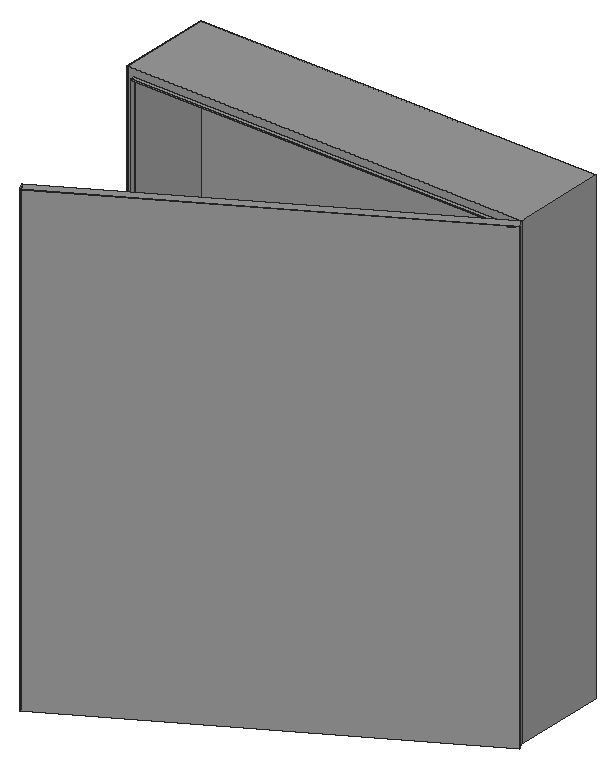
Revit family "Hager-Univers-IP44-D205-H950-Cl.II-Encl-NoHosted-ES-es", category Electrical Equipment, Revit 2020
Family settings
  Panel Configuration = Two Columns, Circuits Across
  Round Connector Dimension = Use Diameter
  Part Type = Panelboard
  Work Plane-Based = Yes
  Always vertical = Yes
  Cut with Voids When Loaded = No
  Shared = No
  Room Calculation Point = No
Parameters (values of type "Montado superficial (escayola) IP44 A800 A950 P205  - FP63SN2")
  Width Control [instance] = if([EF000008 - Anchura] > Min Width, [EF000008 - Anchura], Min Width)  # 800 mm
  Type Comments = [HG000003 - Gama]  # "Univers"
  Thickness Door [instance] = if([EF009171 - Espesor puerta/tapa] > 3 mm, 3 mm, [EF009171 - Espesor puerta/tapa])  # 1 mm
  Seal Frame Offset [instance] = 17 mm  # constant formula
  Plinth Visibility [instance] = [HG000027 - Altura de zócalo] > 0 mm  # no
  Min Width [instance] = 100 mm  # constant formula
  Min Depth [instance] = (2 * [EF009170 - Espesor del material de la caja]) + 1 mm  # 3 mm
  Min Height [instance] = 100 mm  # constant formula
  Internal Frame Depth [instance] = (Door System Depth * 0.5)  # 9 mm
  Panel Name [instance] = ""  # (empty or 0)
  Model = ""
  HG000027 - Altura de zócalo = 0 mm
  HG000026 - Instalación en suelo = no
  HG000024 - Altura de la sección inferior = 600 mm
  HG000023 - Caja de doble sección = no
  HG000016 - Visibilidad de la puerta 3D [instance] = yes
  HG000015 - Visibilidad a través de la puerta [instance] = no
  HG000014 - Puerta a la derecha [instance] = yes
  HG000013 - Puerta a la izquierda [instance] = not([HG000014 - Puerta a la derecha])  # no
  HG000012 - Ángulo de giro de la puerta [instance] = 30.00°
  HG000010 - Puertas asimétricas = no
  HG000009 - Puerta batiente doble = no
  HG000006 - Empotrado = no
  HG000004 - Referencia del fabricante = "FP63SN2"
  HG000003 - Gama = "Univers"
  HG000002 - Con puerta o tapa = yes
  Frame Offset Bottom [instance] = 10 mm  # constant formula
  Frame Offset [instance] = 15 mm  # constant formula
  EF015940 - Tapa con alivio de sobrepresión = no
  EF011959 - Grado de protección (NEMA) = ""
  EF009554 - Número de aberturas para placas-brida = 6
  EF009212 - Versión de la cubierta = "EV000116 - Cerrado"
  EF009171 - Espesor puerta/tapa = 1 mm
  EF009170 - Espesor del material de la caja = 1 mm
  EF008873 - Corriente nominal (In) = 250 A
  EF007800 - Adecuado para la protección contra rayos = no
  EF006306 - Con cierre = no
  EF006244 - Tapa/puerta transparente = no
  EF005474 - Grado de protección (IP) = "EV006418 - IP44"
  EF004464 - Tipo de puerta = "EV002646 - Único"
  EF004427 - Número de módulos = 216
  EF004293 - Resistencia al impacto (IK) = "EV006815 - IK09"
  EF003532 - Adecuado para uso en exteriores = no
  EF002950 - Anchura de unidades de división = 36
  EF001613 - Integridad del circuito = "EV000494 - Ninguno"
  EF001596 - Material de la carcasa = "EV000179 - Acero"
  EF001131 - Profundidad interna = 130 mm
  EF001088 - Posibilidad de extensión = yes
  EF000437 - Número de entradas de conductos de cables = 6
  EF000339 - Tipo de cubierta = "EV004216 - Puerta"
  EF000266 - Número de filas = 6
  EF000218 - Profundidad de instalación = 205 mm
  EF000118 - Con placa de montaje = no
  EF000116 - Número RAL = "9010"
  EF000049 - Profundidad = 205 mm
  EF000040 - Altura = 950 mm
  EF000008 - Anchura = 800 mm
  EF000007 - Color = "EV000202 - Blanco"
  EF000003 - Tipo de montaje = "EV000384 - Montado superficial (escayola)"
  Door System Leaf Tolerance [instance] = 1.5 mm  # constant formula
  Door System Depth [instance] = 18 mm  # constant formula
  Door Height [instance] = Height Control - [HG000027 - Altura de zócalo]  # 950 mm
  Description = ""
  Default Elevation = 1219.2 mm
  Connector Offset [instance] = Height Control / 2  # 475 mm
  Manufacturer = "Hager"  # constant formula
  Height Control [instance] = if([EF000040 - Altura] > Min Height, [EF000040 - Altura], Min Height)  # 950 mm
  Depth Control [instance] = if([EF000049 - Profundidad] > Min Depth, [EF000049 - Profundidad], Min Depth)  # 205 mm
  Bottom Top Plate Trim [instance] = 1.5 mm  # constant formula
  Plinth height Ctrl [instance] = if([HG000027 - Altura de zócalo] > 0 mm, [HG000027 - Altura de zócalo], 12 mm)  # 12 mm
Types (5, lengths in mm): name | Width Control | HG000010 - Puertas asimétricas | HG000009 - Puerta batiente doble | HG000004 - Referencia del fabricante | EF009554 - Número de aberturas para placas-brida | EF004464 - Tipo de puerta | EF004427 - Número de módulos | EF002950 - Anchura de unidades de división | EF001131 - Profundidad interna | EF000437 - Número de entradas de conductos de cables | EF000339 - Tipo de cubierta | EF000008 - Anchura
  Montado superficial (escayola) IP44 A1050 A950 P205  - FP64SN2 | 1050 | no | yes | "FP64SN2" | 8 | "EV003602 - Doble" | 288 | 48 | 130 | 8 | "EV004216 - Puerta" | 1050
  Montado superficial (escayola) IP44 A1300 A950 P205  - FP65SN2 | 1300 | yes | yes | "FP65SN2" | 10 | "EV003602 - Doble" | 360 | 60 | 130 | 10 | "EV004216 - Puerta" | 1300
  Montado superficial (escayola) IP44 A300 A950 P205  - FP61SN2 | 300 | no | no | "FP61SN2" | 2 | "EV002646 - Único" | 72 | 12 | 143 | 2 | "EV001012 - Cubrir" | 300
  Montado superficial (escayola) IP44 A550 A950 P205  - FP62SN2 | 550 | no | no | "FP62SN2" | 4 | "EV002646 - Único" | 144 | 24 | 143 | 4 | "EV001012 - Cubrir" | 550
  Montado superficial (escayola) IP44 A800 A950 P205  - FP63SN2 | 800 | no | no | "FP63SN2" | 6 | "EV002646 - Único" | 216 | 36 | 130 | 6 | "EV004216 - Puerta" | 800
Reference planes
  plane 1 "Center (Front/Back)": y = 0
  plane 2: z = 0
  plane 3 "Center (Left/Right)": x = 0
  plane 4: y = 0
  plane 5: y = 0
  plane 6: z = 0
  plane 7: x = -400
  plane 8: x = 400
  plane 9: x = 399
  plane 10: x = -399
  plane 11: z = 0
  plane 12: z = 1
  plane 13: y = -205
  plane 14: y = -1
  plane 15: x = 0
  plane 16: y = -187
  plane 17: y = -204
  plane 18: y = -186
  plane 19: x = -384
  plane 20: x = 384
  plane 21: z = 11
  plane 22: x = -383
  plane 23: x = 383
  plane 24: z = 0
  plane 25: z = 950
  plane 26: z = 950
  plane 27: z = 934
  plane 28: z = 949
Forms (mm)
  Extrusion 1, solid, material "Hager_Steel_RAL7035_Light_Grey", detail levels medium+fine
    sketch origin (-208.679, -4572, 0) x (-1, 0, 0) y (0, -1, 0)
      loop
        line (191.321, -4385) -> (-608.679, -4385) -> (-608.679, -4572) -> (191.321, -4572) -> (191.321, -4385)
    from 0 to 950
  Extrusion 2, void
    sketch origin (-350.771, -205, 1219.2) x (1, 0, 0) y (0, 0, 1)
      loop
        line (-48.229, -270.2) -> (-48.229, -1218.2) -> (749.771, -1218.2) -> (749.771, -270.2) -> (-48.229, -270.2)
    from -19 to -204
  Extrusion 3, void
    sketch origin (-290.084, -187, 1219.2) x (1, 0, 0) y (0, 0, 1)
      loop
        line (-93.916, -1208.2) -> (674.084, -1208.2) -> (674.084, -285.2) -> (-93.916, -285.2) -> (-93.916, -1208.2)
    from 0 to -1
  Extrusion 4, solid, material "Hager_Steel_RAL7035_Light_Grey", visible <- "Plinth Visibility", detail levels medium+fine
    sketch origin (0, 0, 0) x (1, 0, 0) y (0, 1, 0)
      loop
        line (-400, 0) -> (-400, -187) -> (400, -187) -> (400, 0) -> (-400, 0)
    from 0 to 12 <- "Plinth height Ctrl"
  Extrusion 5, solid, material "Hager_Steel_RAL7035_Light_Grey", detail levels coarse
    sketch origin (0, 0, 0) x (1, 0, 0) y (0, 1, 0)
      loop
        line (-400, 0) -> (-400, -205) -> (400, -205) -> (400, 0) -> (-400, 0)
    from 0 to 950 <- "Height Control"
  Sweep 6, void
    path in 3D
      loop
        line (-400, -187, 12) -> (400, -187, 12) -> (400, 0, 12) -> (-400, 0, 12) -> (-400, -187, 12)
    profile origin (-400, -93.5, 12) x (1, 0, 0) y (0, 0, 1)
      loop
        line (0, 0) -> (0, -1.5) -> (1.5, -1.5)
        arc (1.5, -1.5) -> (1.061, -0.439) -> (0, 0) r 1.5
  Extrusion 7, solid, material "Hager_Steel_RAL7035_Light_Grey", detail levels fine
    sketch origin (-400, -187, 0) x (1, 0, 0) y (0, 0, 1)
      loop
        line (16, 11) -> (784, 11) -> (784, 934) -> (16, 934) -> (16, 11)
      loop
        line (15, 10) -> (785, 10) -> (785, 935) -> (15, 935) -> (15, 10)
    from 0 to 9 <- "Internal Frame Depth"
Cuts and joins
  Extrusion 2, Extrusion 3 cuts Extrusion 1
  Sweep 6 cuts Extrusion 4
Lines and regions (mm)
  Masking region 1
    outline origin (0, 0, 0) x (1, 0, 0) y (0, 1, 0)
      loop
        line (-400, 0) -> (-400, -205) -> (400, -205) -> (400, 0) -> (-400, 0)
  Masking region 2, detail levels coarse
    outline origin (-290.084, -187, 1219.2) x (-1, 0, 0) y (0, 0, 1)
      loop
        line (-690.084, -1219.2) -> (109.916, -1219.2) -> (109.916, -269.2) -> (-690.084, -269.2) -> (-690.084, -1219.2)
  Masking region 3, detail levels coarse
    outline origin (0, 0, 0) x (0, 1, 0) y (0, 0, 1)
      loop
        line (0, 0) -> (0, 950) -> (-205, 950) -> (-205, 0) -> (0, 0)
  Masking region 4, visible <- "Plinth Visibility", detail levels medium+fine
    outline origin (0, 0, 0) x (0, 1, 0) y (0, 0, 1)
      loop
        line (-1.5, 12) -> (-185.5, 12)
        arc (-185.5, 12) -> (-185.939, 10.939) -> (-187, 10.5) r 1.5
        line (-187, 10.5) -> (-187, 0) -> (0, 0) -> (0, 10.5)
        arc (0, 10.5) -> (-1.061, 10.939) -> (-1.5, 12) r 1.5
  Masking region 5, detail levels medium+fine
    outline origin (0, 0, 594.038) x (0, 1, 0) y (0, 0, 1)
      loop
        line (0, -594.038) -> (0, 355.962) -> (-187, 355.962) -> (-187, -594.038) -> (0, -594.038)
  Masking region 6, detail levels medium+fine
    outline origin (-359.7, -187, 1211.883) x (-1, 0, 0) y (0, 0, 1)
      loop
        line (-759.7, -1211.883) -> (40.3, -1211.883) -> (40.3, -261.883) -> (-759.7, -261.883) -> (-759.7, -1211.883)
  Masking region 7, visible <- "Plinth Visibility", detail levels medium+fine
    outline origin (-320.334, -187, 1041.368) x (-1, 0, 0) y (0, 0, 1)
      loop
        line (-720.334, -1041.368) -> (79.666, -1041.368) -> (79.666, -1030.868)
        arc (79.666, -1030.868) -> (78.606, -1030.429) -> (78.166, -1029.368) r 1.5
        line (78.166, -1029.368) -> (-718.834, -1029.368)
        arc (-718.834, -1029.368) -> (-719.273, -1030.429) -> (-720.334, -1030.868) r 1.5
        line (-720.334, -1030.868) -> (-720.334, -1041.368)
  sketch lines
    curve 1: line (-400, 0, 12) -> (-400, -187, 12)
    curve 2: line (-400, -187, 12) -> (400, -187, 12)
    curve 3: line (400, 0, 12) -> (-400, 0, 12)
    curve 4: line (400, -187, 12) -> (400, 0, 12)
Dimensions and locks
  locked: plane 1 "Center (Front/Back)" to plane 5
  "EF009170 - Espesor del material de la caja": plane 7 to plane 10
  "EF009170 - Espesor del material de la caja": plane 8 to plane 9
  equal spacing: plane 7, plane 3 "Center (Left/Right)", plane 8
  "Width Control": plane 7 to plane 8
  "Depth Control": plane 4 to plane 13
  "EF009170 - Espesor del material de la caja": plane 4 to plane 14
  "Height Control": plane 25 to level
  "HG000027 - Altura de zócalo": plane 11 to level
  "EF009170 - Espesor del material de la caja": plane 12 to plane 11
  "EF009170 - Espesor del material de la caja": plane 17 to plane 13
  "EF009170 - Espesor del material de la caja": plane 18 to plane 16
  "Frame Offset Bottom": plane 21 to plane 12
  "Frame Offset": plane 10 to plane 19
  "Frame Offset": plane 9 to plane 20
  "Door System Depth": plane 16 to plane 13
  "Seal Frame Offset": plane 7 to plane 22
  "Seal Frame Offset": plane 8 to plane 23
  "EF009170 - Espesor del material de la caja": plane 26 to plane 28
  "Frame Offset": plane 28 to plane 27
  "Connector Offset": plane 2 to connector elem
  "Bottom Top Plate Trim": profile plane to Sweep 6 sketch curve
  "Bottom Top Plate Trim": Sweep 6 sketch curve to Sweep 6 sketch curve
  "Plinth height Ctrl": Masking region 4 sketch curve to level
  "Plinth height Ctrl": Masking region 7 sketch curve to level
  "Thickness Door": Extrusion 7 sketch curve to Extrusion 7 sketch curve  (x4)
  "Bottom Top Plate Trim": radius of Sweep 6 sketch curve
  "Bottom Top Plate Trim": radius of Masking region 4 sketch curve  (x2)
  "Bottom Top Plate Trim": radius of Masking region 7 sketch curve  (x2)
  aligned and locked: Extrusion 2 sketch curve to plane 12
  aligned and locked: Extrusion 2 sketch curve to plane 9
  aligned and locked: Extrusion 2 sketch curve to plane 10
  aligned and locked: Extrusion 2 to plane 14
  aligned and locked: Extrusion 1 sketch curve to plane 4
  aligned and locked: plane 8 to Extrusion 1 sketch curve
  aligned and locked: plane 7 to Extrusion 1 sketch curve
  aligned and locked: Extrusion 2 to plane 18
  aligned and locked: Extrusion 3 sketch curve to plane 19
  aligned and locked: plane 20 to Extrusion 3 sketch curve
  aligned and locked: Extrusion 3 to Extrusion 2
  aligned and locked: Extrusion 3 sketch curve to plane 21
  aligned and locked: plane 3 "Center (Left/Right)" to nested 1
  aligned and locked: Extrusion 1 sketch curve to plane 16
  aligned and locked: Extrusion 4 sketch curve to cut or joined group of Extrusion 1, Extrusion 2, Extrusion 3
  aligned and locked: Masking region 1 sketch curve to plane 7
  aligned and locked: Masking region 1 sketch curve to plane 5
  aligned and locked: Masking region 1 sketch curve to plane 8
  aligned and locked: Masking region 2 sketch curve to level
  aligned and locked: level to Masking region 3 sketch curve
  aligned and locked: plane 1 "Center (Front/Back)" to Masking region 3 sketch curve
  aligned and locked: plane 13 to Masking region 3 sketch curve
  aligned and locked: plane 5 to Masking region 4 sketch curve
  aligned and locked: Masking region 2 sketch curve to plane 8
  aligned and locked: Masking region 2 sketch curve to plane 7
  aligned and locked: plane 7 to nested 2
  aligned and locked: nested 2 to plane 5
  aligned and locked: plane 5 to Masking region 5 sketch curve
  aligned and locked: plane 26 to Masking region 5 sketch curve
  aligned and locked: Extrusion 5 sketch curve to plane 8
  aligned and locked: Extrusion 5 sketch curve to plane 7
  aligned and locked: Extrusion 5 sketch curve to plane 5
  aligned and locked: Extrusion 3 sketch curve to plane 27
  aligned and locked: Extrusion 2 sketch curve to plane 28
  aligned and locked: Masking region 2 to plane 25
  aligned and locked: Extrusion 4 to plane 16
  aligned and locked: profile plane to Sweep 6 sketch curve
  aligned and locked: Masking region 5 sketch curve to plane 24
  aligned and locked: level to Masking region 4 sketch curve
  aligned and locked: Masking region 1 to plane 13
  aligned and locked: nested 1 to plane 16
  aligned and locked: Masking region 3 to plane 25
  aligned and locked: plane 16 to Masking region 4 sketch curve
  aligned and locked: Masking region 5 sketch curve to plane 16
  aligned and locked: plane 24 to plane 11
  aligned and locked: plane 26 to plane 25
  aligned and locked: plane 26 to cut or joined group of Extrusion 1, Extrusion 2, Extrusion 3
  aligned and locked: nested 1 to plane 24
  aligned and locked: Extrusion 1 to Extrusion 3
  aligned and locked: Masking region 6 sketch curve to plane 8
  aligned and locked: Masking region 6 sketch curve to plane 24
  aligned and locked: Masking region 6 sketch curve to plane 7
  aligned and locked: Masking region 6 sketch curve to plane 26
  aligned and locked: Masking region 7 sketch curve to plane 7
  aligned and locked: level to Masking region 7 sketch curve
  aligned and locked: Masking region 7 sketch curve to plane 8
  aligned and locked: Extrusion 7 sketch curve to cut or joined group of Extrusion 1, Extrusion 2, Extrusion 3  (x4)
Automatic sketch dimensions
  plane 19 to Extrusion 3 sketch curve = 0 mm
  Extrusion 3 sketch curve to plane 20 = 0 mm
  Extrusion 3 sketch curve to plane 21 = 0 mm
  Extrusion 4 sketch curve to plane 7 = 0 mm
  Extrusion 4 sketch curve to plane 8 = 0 mm
  Extrusion 4 sketch curve to plane 16 = 0 mm
  Masking region 1 sketch curve to plane 13 = 0 mm
  Masking region 2 sketch curve to plane 25 = 0 mm
  Masking region 3 sketch curve to plane 25 = 0 mm
  Extrusion 5 sketch curve to plane 13 = 0 mm
  profile plane to Sweep 6 sketch curve = 0 mm
Nested families
  nested 1: "EC000058_Univers_Door" at (0, -187, 0), Double <- "HG000009 - Puerta batiente doble", Transparent <- "EF006244 - Tapa/puerta transparente", Angle <- "HG000012 - Ángulo de giro de la puerta", Door_Right <- "HG000014 - Puerta a la derecha", Assymetrical <- "HG000010 - Puertas asimétricas", Door <- "HG000002 - Con puerta o tapa", Width_Ctrl <- "Width Control", 3d_Door <- "HG000016 - Visibilidad de la puerta 3D", Clearance <- "HG000015 - Visibilidad a través de la puerta", Door_Left <- "HG000013 - Puerta a la izquierda", Width <- "Width Control", Door_Depth <- "Door System Depth", Leaf_Tolerance <- "Door System Leaf Tolerance", Height <- "Door Height", Lock_Visibility <- "EF006306 - Con cierre", Thickness <- "Thickness Door", type "EC000058_Univers_Door", detail levels medium+fine
    with min_wh 3 mm, Width_Ctrl 800 mm, Width 800 mm, Transparent no, Thickness 1 mm, Seal_Material Hager_Rubber, Lock_Visibility no, Lock_Material Hager_Plastic_RAL9005_Jet_Black, Leaf_Width 800 mm, Leaf_Tolerance_External_Sides 0 mm, Leaf_Tolerance 1.5 mm, Leaf_Offset 0 mm, Leaf_Height 947 mm, Leaf_2_Width 800 mm, Leaf_2_Offset 400 mm, Leaf_1_Width 800 mm, Leaf_1_Offset 400 mm, Height_Ctrl 950 mm, Height 950 mm, Glass_Material Hager_Glass, Double_Clearance_Ctrl no, Double no, Door_Right_Ctrl yes, Door_Right yes, Door_Material Hager_Steel_RAL7035_Light_Grey, Door_Left_Ctrl no, Door_Left no, Door_Depth 18 mm, Door yes, Clearance_Material Hager_Clearance, Clearance_Depth 800 mm, Clearance_Ctrl no, Clearance no, Assymetrical no, Angle 30.00°, 3d_Door yes
  nested 2: "Hager_Enclosure_Symbol" at (-400, 0, 0), Height <- "Depth Control", Width <- "Width Control", type "Hager_Enclosure_Symbol"
    with Width_Ctrl 800 mm, Width 800 mm, Height_Ctrl 205 mm, Height 205 mm, A_Width_Int 13.453 mm, A_Width 161.438 mm, A_Height_Ctrl 179.375 mm, A_Height 179.375 mm
Connectors
  electrical at (0, 0, 475)
    settings: on plane 1 "Center (Front/Back)", index 1, voltage 0 V, apparent load 0 VA, apparent load phase1 0 VA, apparent load phase2 0 VA, apparent load phase3 0 VA, power factor 1, load classification "Other", number of poles 1, system type 30, power factor state 1, is connector primary yes, connector utility no, sub classification motor no, connector description ""
Definition of nested family "EC000058_Univers_Door"
  Parameters (values of type "EC000058_Univers_Door")
    min_wh [instance] = (2 * Thickness) + 1 mm  # 11 mm
    Width_Ctrl [instance] = 400 mm
    Width [instance] = 500 mm
    Transparent [instance] = yes
    Thickness [instance] = 5 mm
    Seal_Material [instance] = none
    Lock_Visibility [instance] = yes
    Lock_Material [instance] = none
    Leaf_Width [instance] = if((Width_Ctrl - 2 * Leaf_Tolerance_External_Sides) > 0 mm, (Width_Ctrl - 2 * Leaf_Tolerance_External_Sides), min_wh)  # 400 mm
    Leaf_Tolerance_External_Sides [instance] = 0 mm  # constant formula
    Leaf_Tolerance [instance] = 1.5 mm
    Leaf_Offset [instance] = 0 mm  # constant formula
    Leaf_Height [instance] = if((Height_Ctrl - 2 * Leaf_Tolerance) > 0 mm, (Height_Ctrl - 2 * Leaf_Tolerance), min_wh)  # 497 mm
    Leaf_2_Width [instance] = if(and(and(Double, Assymetrical), Door_Left), (Leaf_Width / 3) - (Leaf_Tolerance / 2), if(and(and(Double, Assymetrical), Door_Right), (Leaf_Width / 3) * 2 - (Leaf_Tolerance / 2), if(and(Double, not(Assymetrical)), (Leaf_Width / 2) - Leaf_Tolerance, Leaf_Width)))  # 400 mm
    Leaf_2_Offset [instance] = if(and(Double, Assymetrical), Leaf_2_Width / 2, if(and(Double, not(Assymetrical)), Leaf_Width / 4, Leaf_Width / 2))  # 200 mm
    Leaf_1_Width [instance] = if(and(and(Double, Assymetrical), Door_Right), (Leaf_Width / 3) - (Leaf_Tolerance / 2), if(and(and(Double, Assymetrical), Door_Left), (Width / 3) * 2 - (Leaf_Tolerance / 2), if(and(Double, not(Assymetrical)), (Leaf_Width / 2) - Leaf_Tolerance, Leaf_Width)))  # 400 mm
    Leaf_1_Offset [instance] = if(and(Double, Assymetrical), Leaf_1_Width / 2, if(and(Double, not(Assymetrical)), Leaf_Width / 4, Leaf_Width / 2))  # 200 mm
    Height_Ctrl [instance] = if(Height > min_wh, Height, min_wh)  # 500 mm
    Height [instance] = 500 mm
    Glass_Material [instance] = none
    Double_Clearance_Ctrl [instance] = and(Double, Clearance)  # no
    Double [instance] = no
    Door_Right_Ctrl [instance] = and(or(Door_Right, Double), Door)  # yes
    Door_Right [instance] = yes
    Door_Material [instance] = none
    Door_Left_Ctrl [instance] = and(or(Door_Left, Double), Door)  # no
    Door_Left [instance] = no
    Door_Depth [instance] = 30 mm
    Door [instance] = yes
    Default Elevation = 1219.2 mm
    Clearance_Material [instance] = none
    Clearance_Depth [instance] = if(Leaf_1_Width > Leaf_2_Width, Leaf_1_Width, Leaf_2_Width)  # 400 mm
    Clearance_Ctrl [instance] = and(not(Double), Clearance)  # yes
    Clearance [instance] = yes
    Assymetrical [instance] = yes
    Angle [instance] = 30.00°
    3d_Door [instance] = yes
  Reference planes
    plane 1 "Center (Front/Back)": y = 0
    plane 2 "Bottom": z = 0
    plane 3 "Center (Left/Right)": x = 0
    plane 4: z = 500
    plane 5: x = -200
    plane 6: x = 200
    plane 7: z = 500
    plane 8: x = -200
    plane 9: z = 0
    plane 10: x = 200
    plane 11: y = 0
    plane 12: z = 1.5
    plane 13: x = -600
    plane 14: y = -400
    plane 15: x = 600
    plane 16: x = 0
    plane 17: x = 0
    plane 18: x = -200
    plane 19: x = 200
    plane 20: z = 498.5
  Forms (mm)
    Extrusion 1, solid, material <- "Clearance_Material", visible <- "Double_Clearance_Ctrl"
      sketch origin (1200, 0, 0) x (1, 0, 0) y (0, 0, -1)
        loop
          line (-1800, -498.5) -> (-600, -498.5) -> (-600, 0) -> (-1800, 0) -> (-1800, -498.5)
      from 0 to -400
  Dimensions and locks
    equal spacing: plane 5, plane 3 "Center (Left/Right)", plane 6
    "Width_Ctrl": plane 5 to plane 6
    "Leaf_Offset": plane 5 to plane 8
    "Leaf_Offset": plane 6 to plane 10
    "Leaf_Offset": plane 9 to level
    "Leaf_Offset": plane 4 to plane 7
    "Height_Ctrl": plane 4 to level
    "Leaf_Tolerance": plane 12 to plane 9
    locked: plane 11 to plane 1 "Center (Front/Back)"
    "Leaf_1_Offset": plane 18 to plane 16
    "Leaf_2_Offset": plane 17 to plane 19
    "Leaf_1_Width": plane 13 to plane 8
    "Leaf_2_Width": plane 10 to plane 15
    "Clearance_Depth": plane 14 to plane 1 "Center (Front/Back)"
    "Leaf_Tolerance_External_Sides": plane 8 to plane 18
    "Leaf_Tolerance_External_Sides": plane 19 to plane 10
    "Leaf_Tolerance": plane 7 to plane 20
    aligned and locked: level to plane 2 "Bottom"
    aligned and locked: nested 1 to plane 16
    aligned and locked: nested 2 to plane 17
    aligned and locked: Extrusion 1 to plane 13
    aligned and locked: plane 15 to Extrusion 1
    aligned and locked: Extrusion 1 to plane 14
    aligned and locked: plane 12 to nested 1
    aligned and locked: nested 2 to plane 12
    aligned and locked: Extrusion 1 to plane 11
    aligned and locked: plane 20 to Extrusion 1
    aligned and locked: nested 2 to plane 11
    aligned and locked: nested 1 to plane 11
  Automatic sketch dimensions
    Extrusion 1 sketch curve to level = 0 mm
    plane 5 to Extrusion 1 sketch curve = 400 mm
    plane 6 to Extrusion 1 sketch curve = 400 mm
    Extrusion 1 sketch curve to plane 4 = 1.5 mm
  Nested families
    nested 1: "EC000058_Univers_Door_Leaf" at (0, 0, 1.5), Width <- "Leaf_1_Width", visible <- "Door_Left_Ctrl", Leaf_Height <- "Leaf_Height", Angle <- "Angle", 3d_Door <- "3d_Door", Transparent <- "Transparent", Clearance Material <- "Clearance_Material", Clearance <- "Clearance_Ctrl", Door_Material <- "Door_Material", Glass_Material <- "Glass_Material", Door_Depth <- "Door_Depth", Lock_Material <- "Lock_Material", Seal_Material <- "Seal_Material", Lock_Visibility <- "Lock_Visibility", Thickness <- "Thickness", type "EC000058_Univers_Door_Leaf"
      with Width 400 mm, Transparent_Glass_Offset 30 mm, Transparent_Ctrl yes, Transparent yes, Thickness 5 mm, Standard no, Seal_Material none, Seal_D2 8 mm, Seal_D1 1 mm, Offset_Internal_Frame 10 mm, Lock_Width 20 mm, Lock_Visibility_3d yes, Lock_Visibility yes, Lock_Thickness_3 3 mm, Lock_Thickness_2 1 mm, Lock_Thickness_1 3 mm, Lock_Radius_Offset_2 16 mm, Lock_Radius_Offset_1 15 mm, Lock_Radius_2 5 mm, Lock_Radius 6 mm, Lock_Offset 5 mm, Lock_Material none, Lock_Height 80 mm, Lock_Cover_Top_Offset_2d 17 mm, Lock_Cover_Height -65 mm, Leaf_Height 497 mm, Internal_Seal_Thickness 8 mm, Internal_Seal_Depth_2 4.5 mm, Internal_Frame_Depth 25 mm, Glass_Thickness -1 mm, Glass_Offset -2 mm, Glass_Material none, Door_Material none, Door_Depth 30 mm, Clearance Material none, Clearance yes, Angle_Ctrl 30.00°, Angle 30.00°, 3d_Door yes
    nested 2: "EC000058_Univers_Door_Leaf" at (0, 0, 1.5) x (-1, 0, 0) z (0, 0, 1), Width <- "Leaf_2_Width", visible <- "Door_Right_Ctrl", Leaf_Height <- "Leaf_Height", Angle <- "Angle", 3d_Door <- "3d_Door", Transparent <- "Transparent", Clearance Material <- "Clearance_Material", Clearance <- "Clearance_Ctrl", Door_Material <- "Door_Material", Glass_Material <- "Glass_Material", Door_Depth <- "Door_Depth", Lock_Material <- "Lock_Material", Seal_Material <- "Seal_Material", Lock_Visibility <- "Lock_Visibility", Thickness <- "Thickness", type "EC000058_Univers_Door_Leaf"
      with Width 400 mm, Transparent_Glass_Offset 30 mm, Transparent_Ctrl yes, Transparent yes, Thickness 5 mm, Standard no, Seal_Material none, Seal_D2 8 mm, Seal_D1 1 mm, Offset_Internal_Frame 10 mm, Lock_Width 20 mm, Lock_Visibility_3d yes, Lock_Visibility yes, Lock_Thickness_3 3 mm, Lock_Thickness_2 1 mm, Lock_Thickness_1 3 mm, Lock_Radius_Offset_2 16 mm, Lock_Radius_Offset_1 15 mm, Lock_Radius_2 5 mm, Lock_Radius 6 mm, Lock_Offset 5 mm, Lock_Material none, Lock_Height 80 mm, Lock_Cover_Top_Offset_2d 17 mm, Lock_Cover_Height -65 mm, Leaf_Height 497 mm, Internal_Seal_Thickness 8 mm, Internal_Seal_Depth_2 4.5 mm, Internal_Frame_Depth 25 mm, Glass_Thickness -1 mm, Glass_Offset -2 mm, Glass_Material none, Door_Material none, Door_Depth 30 mm, Clearance Material none, Clearance yes, Angle_Ctrl 30.00°, Angle 30.00°, 3d_Door yes
  Definition of nested family "EC000058_Univers_Door_Leaf"
    Parameters (values of type "EC000058_Univers_Door_Leaf")
      Width [instance] = 2000 mm
      Transparent_Glass_Offset [instance] = 30 mm
      Transparent_Ctrl [instance] = and(Transparent, [3d_Door])  # yes
      Transparent [instance] = yes
      Thickness [instance] = 5 mm
      Standard [instance] = and(not(Transparent), [3d_Door])  # no
      Seal_Material [instance] = none
      Seal_D2 [instance] = 8 mm  # constant formula
      Seal_D1 [instance] = 1 mm  # constant formula
      Offset_Internal_Frame [instance] = 10 mm  # constant formula
      Lock_Width [instance] = 20 mm  # constant formula
      Lock_Visibility_3d [instance] = and(Lock_Visibility, [3d_Door])  # yes
      Lock_Visibility [instance] = yes
      Lock_Thickness_3 [instance] = 3 mm  # constant formula
      Lock_Thickness_2 [instance] = 1 mm  # constant formula
      Lock_Thickness_1 [instance] = 3 mm  # constant formula
      Lock_Radius_Offset_2 [instance] = Lock_Radius_Offset_1 + 1 mm  # 16 mm
      Lock_Radius_Offset_1 [instance] = 15 mm  # constant formula
      Lock_Radius_2 [instance] = Lock_Radius - 1 mm  # 5 mm
      Lock_Radius [instance] = 6 mm  # constant formula
      Lock_Offset [instance] = 5 mm  # constant formula
      Lock_Material [instance] = none
      Lock_Height [instance] = 80 mm  # constant formula
      Lock_Cover_Top_Offset_2d [instance] = Lock_Radius_Offset_2 + 1 mm  # 17 mm
      Lock_Cover_Height [instance] = -(Lock_Height - Lock_Radius_Offset_1)  # -65 mm
      Leaf_Height [instance] = 2720.336 mm
      Internal_Seal_Thickness [instance] = 8 mm  # constant formula
      Internal_Seal_Depth_2 [instance] = 4.5 mm  # constant formula
      Internal_Frame_Depth [instance] = if(Door_Depth - Thickness > 5 mm, Door_Depth - Thickness, 5 mm)  # 25 mm
      Glass_Thickness [instance] = if(Thickness > 15 mm, Glass_Offset + 10 mm, -1 mm)  # -1 mm
      Glass_Offset [instance] = if(Thickness > 15 mm, -(Thickness + 10 mm) / 2, -2 mm)  # -2 mm
      Glass_Material [instance] = none
      Door_Material [instance] = none
      Door_Depth [instance] = 30 mm
      Default Elevation = 0 mm
      Clearance Material [instance] = none
      Clearance [instance] = yes
      Angle_Ctrl [instance] = if(Angle > 180.00°, 180.00°, Angle)  # 90.00°
      Angle [instance] = 90.00°
      3d_Door [instance] = yes
    Reference planes
      plane 1 "Center (Front/Back)": y = 0
      plane 2: z = 0
      plane 3 "Center (Left/Right)": x = 0
      plane 4: y = 2000
      plane 5: x = -1000
      plane 6: x = 1000
      plane 7: x = -3000
      plane 8: z = 2720.336
      plane 9: z = 30
      plane 10: z = 2690.336
      plane 11: x = 970
      plane 12: x = -970
      plane 13: y = -3
      plane 14: z = 107.833
      plane 15: y = -5
      plane 16: y = -223.314
      plane 17: x = -1000
      plane 18: z = 1360.168
      plane 19: y = 30
    Forms (mm)
      Extrusion 1, solid, material <- "Clearance Material", visible <- "Clearance"
        sketch origin (0, 0, 0) x (1, 0, 0) y (0, 0, 1)
          loop
            line (-3000, 2720.336) -> (-3000, 0) -> (1000, 0) -> (1000, 2720.336) -> (-3000, 2720.336)
        from 0 to -2000
      Extrusion 2, solid, material <- "Door_Material", visible <- "Standard", detail levels medium+fine
        sketch origin (-1000, 0, 0) x (0, 1, 0) y (-1, 0, 0)
          loop
            line (0, 30) -> (0, 25) -> (2000, 25) -> (2000, 30) -> (0, 30)
        from 0 to 2720.336 <- "Leaf_Height"
      Extrusion 3, solid, material <- "Door_Material", visible <- "Transparent_Ctrl", detail levels medium+fine
        sketch origin (-1000, 0, 0) x (0, 1, 0) y (-1, 0, 0)
          loop
            line (0, 25) -> (2000, 25) -> (2000, 30) -> (0, 30) -> (0, 25)
        from 0 to 2720.336 <- "Leaf_Height"
      Extrusion 4, void
        sketch origin (-1025, 2000, 0) x (0, 1, 0) y (0, 0, -1)
          loop
            line (-30, -2690.336) -> (-30, -30) -> (-1970, -30) -> (-1970, -2690.336) -> (-30, -2690.336)
        from 0 to 5 <- "Thickness"
      Sweep 5, solid, material <- "Seal_Material", visible <- "Transparent_Ctrl", detail levels fine
        path in 3D
          loop
            line (-1025, 30, 30) -> (-1025, 30, 2690.336) -> (-1025, 1970, 2690.336) -> (-1025, 1970, 30) -> (-1025, 30, 30)
        profile origin (-1025, 1000, 30) x (1, 0, 0) y (0, 0, 1)
          loop
            line (0, 0) -> (0, -8) -> (1, -8) -> (1, 0) -> (0, 0)
      Extrusion 6, solid, material <- "Glass_Material", visible <- "Transparent_Ctrl", detail levels medium+fine
        sketch origin (-1030, 0, 0) x (0, 1, 0) y (0, 0, -1)
          loop
            line (1970, -2690.336) -> (1970, -30) -> (30, -30) -> (30, -2690.336) -> (1970, -2690.336)
        from -2 <- "Glass_Offset" to -1 <- "Glass_Thickness"
      Extrusion 7, solid, material <- "Door_Material", visible <- "3d_Door", detail levels medium+fine
        sketch origin (-1025, 2000, 0) x (0, -1, 0) y (0, 0, -1)
          loop
            line (0, -2720.336) -> (2000, -2720.336) -> (2000, 0) -> (0, 0) -> (0, -2720.336)
          loop
            line (1995, -5) -> (5, -5) -> (5, -2715.336) -> (1995, -2715.336) -> (1995, -5)
        from 0 to 25 <- "Internal_Frame_Depth"
      Sweep 8, solid, material <- "Seal_Material", visible <- "Transparent_Ctrl", detail levels fine
        path in 3D
          loop
            line (-1025, 0, 0) -> (-1025, 2000, 0) -> (-1025, 2000, 2720.336) -> (-1025, 0, 2720.336) -> (-1025, 0, 0)
        profile origin (-1025, 0, 1360.168) x (1, 0, 0) y (0, 1, 0)
          loop
            line (0, 10) -> (2.975, 10)
            arc (2.975, 10) -> (4.053, 10.447) -> (4.5, 11.525) r 1.525
            line (4.5, 11.525) -> (4.5, 16.527)
            arc (4.5, 16.527) -> (4.069, 17.569) -> (3.027, 18) r 1.473
            line (3.027, 18) -> (0, 18) -> (0, 10)
      Extrusion 9, solid, material <- "Lock_Material", visible <- "Lock_Visibility_3d", detail levels fine
        sketch origin (-1030, 0, 0) x (0, 1, 0) y (0, 0, -1)
          loop
            arc (1993.5, -1400.168) -> (1994.561, -1399.729) -> (1995, -1398.668) r 1.5
            line (1995, -1398.668) -> (1995, -1320.168) -> (1975, -1320.168) -> (1975, -1398.668)
            arc (1975, -1398.668) -> (1975.439, -1399.729) -> (1976.5, -1400.168) r 1.5
            line (1976.5, -1400.168) -> (1993.5, -1400.168)
        from 3 <- "Lock_Thickness_1" to 0
      Blend 10, solid, material <- "Lock_Material", visible <- "Lock_Visibility_3d", detail levels fine
        base sketch origin (-1033, 0, 0) x (0, 1, 0) y (0, 0, -1)
          loop
            line (1975, -1320.168) -> (1975, -1398.668)
            arc (1975, -1398.668) -> (1975.439, -1399.729) -> (1976.5, -1400.168) r 1.5
            line (1976.5, -1400.168) -> (1993.5, -1400.168)
            arc (1993.5, -1400.168) -> (1994.561, -1399.729) -> (1995, -1398.668) r 1.5
            line (1995, -1398.668) -> (1995, -1320.168) -> (1975, -1320.168)
        top sketch origin (-1033, 0, 0) x (0, 1, 0) y (0, 0, -1)
          loop
            line (1976, -1320.168) -> (1976, -1398.668)
            arc (1976, -1398.668) -> (1976.146, -1399.022) -> (1976.5, -1399.168) r 0.5
            line (1976.5, -1399.168) -> (1993.5, -1399.168)
            arc (1993.5, -1399.168) -> (1993.854, -1399.022) -> (1994, -1398.668) r 0.5
            line (1994, -1398.668) -> (1994, -1320.168) -> (1976, -1320.168)
        from 0 to 1 <- "Lock_Thickness_2"
      Blend 11, solid, material <- "Lock_Material", visible <- "Lock_Visibility_3d", detail levels fine
        base sketch origin (-1034, 0, 0) x (0, 1, 0) y (0, 0, -1)
          loop
            line (1978, -1320.168) -> (1978, -1384.168)
            arc (1978, -1384.168) -> (1985, -1391.168) -> (1992, -1384.168) r 7
            line (1992, -1384.168) -> (1992, -1320.168) -> (1978, -1320.168)
        top sketch origin (-1034, 0, 0) x (0, 1, 0) y (0, 0, -1)
          loop
            line (1991, -1320.168) -> (1979, -1320.168) -> (1979, -1383.168)
            arc (1979, -1383.168) -> (1985, -1389.168) -> (1991, -1383.168) r 6
            line (1991, -1383.168) -> (1991, -1320.168)
        from 0 to 3 <- "Lock_Thickness_3"
      Extrusion 12, solid, material <- "Lock_Material", visible <- "Lock_Visibility_3d", detail levels fine
        sketch origin (-1030, 1975, 1320.168) x (1, 0, 0) y (0, -1, 0)
          loop
            line (-7, -19) -> (-7, -1) -> (0, -1) -> (0, 0) -> (-8, 0) -> (-8, -20) -> (0, -20) -> (0, -19) -> (-7, -19)
        from 0 to -65 <- "Lock_Cover_Height"
      Extrusion 13, void
        sketch origin (-1038, 1995, 1320.168) x (-1, 0, 0) y (0, 0, -1)
          loop
            line (-5, -65) -> (0, -65) -> (-5, -60) -> (-5, -65)
        from 0 to 20 <- "Lock_Width"
      Extrusion 14, void
        sketch origin (-1038, 1975, 1320.168) x (0, -1, 0) y (0, 0, -1)
          loop
            circle (-10, -15.995) r 6
          loop
            circle (-10, -15.995) r 5
        from 0 to 2
      Extrusion 15, solid, material <- "Lock_Material", visible <- "Lock_Visibility_3d", detail levels medium
        sketch origin (-1030, 0, 0) x (0, 1, 0) y (0, 0, -1)
          loop
            arc (1993.5, -1400.168) -> (1994.561, -1399.729) -> (1995, -1398.668) r 1.5
            line (1995, -1398.668) -> (1995, -1320.168) -> (1975, -1320.168) -> (1975, -1398.668)
            arc (1975, -1398.668) -> (1975.439, -1399.729) -> (1976.5, -1400.168) r 1.5
            line (1976.5, -1400.168) -> (1993.5, -1400.168)
        from 8 to 0
    Cuts and joins
      Extrusion 4 cuts Extrusion 3
      Extrusion 13, Extrusion 14 cuts Extrusion 9
      Extrusion 14 cuts Blend 11
      Extrusion 13, Extrusion 14 cuts Extrusion 12
      joined: Extrusion 9, Blend 10, Blend 11, Extrusion 12
      Extrusion 14 cuts Extrusion 15
    Lines and regions (mm)
      Masking region 1, visible <- "Lock_Visibility", detail levels fine
        outline origin (0, 0, 0) x (0, 1, 0) y (0, 0, 1)
          loop
            line (30, 1320.168) -> (33, 1320.168) -> (33, 1400.168) -> (30, 1400.168) -> (30, 1320.168)
      Masking region 2, visible <- "Lock_Visibility", detail levels fine
        outline origin (0, 3.143, 0) x (0, 1, 0) y (0, 0, 1)
          loop
            line (29.857, 1354.168) -> (30.857, 1354.168) -> (30.857, 1366.168) -> (29.857, 1366.168) -> (29.857, 1354.168)
      Masking region 3, detail levels medium+fine
        outline origin (0, 0, 0) x (0, 1, 0) y (0, 0, 1)
          loop
            line (0, 0) -> (30, 0) -> (30, 2720.336) -> (0, 2720.336) -> (0, 0)
      Masking region 4, detail levels medium+fine
        outline origin (0, 0, 0) x (1, 0, 0) y (0, 0, 1)
          loop
            line (-1000, 2720.336) -> (-1000, 0) -> (1000, 0) -> (1000, 2720.336) -> (-1000, 2720.336)
      Masking region 5, visible <- "Lock_Visibility", detail levels fine
        outline origin (-47.116, 0, 0) x (1, 0, 0) y (0, 0, 1)
          loop
            arc (1024.616, 1399.168) -> (1023.556, 1398.729) -> (1023.116, 1397.668) r 1.5
            line (1023.116, 1397.668) -> (1023.116, 1320.168) -> (1041.116, 1320.168) -> (1041.116, 1397.668)
            arc (1041.116, 1397.668) -> (1040.677, 1398.729) -> (1039.616, 1399.168) r 1.5
            line (1039.616, 1399.168) -> (1024.616, 1399.168)
      Masking region 6, visible <- "Lock_Visibility", detail levels medium+fine
        outline origin (-25, 0, 0) x (1, 0, 0) y (0, 0, 1)
          loop
            arc (1001.5, 1400.168) -> (1000.439, 1399.729) -> (1000, 1398.668) r 1.5
            line (1000, 1398.668) -> (1000, 1320.168) -> (1020, 1320.168) -> (1020, 1398.668)
            arc (1020, 1398.668) -> (1019.561, 1399.729) -> (1018.5, 1400.168) r 1.5
            line (1018.5, 1400.168) -> (1001.5, 1400.168)
      Masking region 7, visible <- "Lock_Visibility", detail levels fine
        outline origin (-73.735, 0, 0) x (1, 0, 0) y (0, 0, 1)
          loop
            line (1051.735, 1382.168) -> (1065.735, 1382.168) -> (1065.735, 1384.168)
            arc (1065.735, 1384.168) -> (1058.735, 1391.168) -> (1051.735, 1384.168) r 7
            line (1051.735, 1384.168) -> (1051.735, 1382.168)
      Masking region 8, visible <- "Lock_Visibility", detail levels fine
        outline origin (-73.735, 0, 0) x (1, 0, 0) y (0, 0, 1)
          loop
            line (1052.735, 1382.168) -> (1064.735, 1382.168) -> (1064.735, 1383.168)
            arc (1064.735, 1383.168) -> (1058.735, 1389.168) -> (1052.735, 1383.168) r 6
            line (1052.735, 1383.168) -> (1052.735, 1382.168)
      Masking region 9, visible <- "Lock_Visibility", detail levels fine
        outline origin (-25, 0, 0) x (1, 0, 0) y (0, 0, 1)
          loop
            line (1020, 1320.168) -> (1020, 1382.168) -> (1000, 1382.168) -> (1000, 1320.168) -> (1020, 1320.168)
      Masking region 10, detail levels medium+fine
        outline origin (0, 0, 0) x (1, 0, 0) y (0, 0, 1)
          loop
            circle (985, 1335.144) r 6
      Masking region 11, detail levels fine
        outline origin (0, 0, 0) x (1, 0, 0) y (0, 0, 1)
          loop
            circle (985, 1335.144) r 5
      Masking region 12, visible <- "Lock_Visibility", detail levels fine
        outline origin (0, 12.767, 0) x (0, 1, 0) y (0, 0, 1)
          loop
            line (20.233, 1320.168) -> (21.233, 1320.168) -> (21.233, 1399.168) -> (20.233, 1400.168) -> (20.233, 1320.168)
      Masking region 13, visible <- "Lock_Visibility", detail levels fine
        outline origin (0, 13.767, -10) x (0, 1, 0) y (0, 0, 1)
          loop
            line (20.233, 1330.168) -> (23.233, 1330.168) -> (23.233, 1399.168) -> (20.233, 1402.168) -> (20.233, 1330.168)
      Masking region 14, visible <- "Lock_Visibility", detail levels fine
        outline origin (0, 12.767, -10) x (0, 1, 0) y (0, 0, 1)
          loop
            line (20.233, 1330.168) -> (25.233, 1330.168) -> (25.233, 1399.305) -> (20.233, 1394.305) -> (20.233, 1330.168)
      Masking region 15, visible <- "Lock_Visibility", detail levels medium
        outline origin (0, 0, 0) x (0, 1, 0) y (0, 0, 1)
          loop
            line (30, 1320.168) -> (38, 1320.168) -> (38, 1400.168) -> (30, 1400.168) -> (30, 1320.168)
      Masking region 16, visible <- "Lock_Visibility", detail levels fine
        outline origin (-1000, 0, 0) x (0, 1, 0) y (-1, 0, 0)
          loop
            line (1975, 30) -> (1995, 30) -> (1995, 38) -> (1975, 38) -> (1975, 30)
          loop
            line (1979, 37) -> (1976, 37) -> (1976, 34) -> (1978, 34) -> (1979, 37)
          loop
            line (1994, 37) -> (1991, 37) -> (1992, 34) -> (1994, 34) -> (1994, 37)
      Masking region 17, visible <- "Lock_Visibility", detail levels medium
        outline origin (-1000, 0, 0) x (0, 1, 0) y (-1, 0, 0)
          loop
            line (1975, 30) -> (1995, 30) -> (1995, 38) -> (1975, 38) -> (1975, 30)
      symbolic lines
        curve 1: line (1000, 0, 0) -> (-3000, 0, 0)
        curve 2: arc (1000, 0, 0) -> (-1000, 2000, 0) -> (-3000, 0, 0) r 2000
        curve 4: line (-1030, 0, 0) -> (-1030, 2000, 0)
      reference lines
        curve 3: line (-1000, 0, 0) -> (-1000, 2000, 0)
      symbolic lines, detail levels medium+fine
        curve 5: line (-1030, 2000, 0) -> (-1025, 2000, 0)
        curve 7: line (-1025, 0, 0) -> (-1030, 0, 0)
        curve 8: line (-1025, 0, 0) -> (-1000, 0, 0)
        curve 9: line (-1000, 0, 0) -> (-1000, 2000, 0)
        curve 10: line (-1000, 2000, 0) -> (-1025, 2000, 0)
      symbolic lines, detail levels fine
        curve 6: line (-1025, 2000, 0) -> (-1025, 0, 0)
      sketch lines
        curve 11: line (-1025, 0, 2720.336) -> (-1025, 0, 0)
        curve 12: line (-1025, 2000, 0) -> (-1025, 0, 0)
        curve 13: line (-1025, 2000, 2720.336) -> (-1025, 2000, 0)
        curve 14: line (-1025, 0, 2720.336) -> (-1025, 2000, 2720.336)
        curve 15: line (-1025, 1970, 30) -> (-1025, 30, 30)
        curve 16: line (-1025, 30, 30) -> (-1025, 30, 2690.336)
        curve 17: line (-1025, 1970, 2690.336) -> (-1025, 1970, 30)
        curve 18: line (-1025, 30, 2690.336) -> (-1025, 1970, 2690.336)
      symbolic lines, visible <- "Transparent", detail levels medium+fine
        curve 19: line (-970, 0, 2690.336) -> (970, 0, 2690.336)
        curve 20: line (-970, 0, 30) -> (-970, 0, 2690.336)
        curve 21: line (970, 0, 30) -> (-970, 0, 30)
        curve 22: line (970, 0, 2690.336) -> (970, 0, 30)
    Dimensions and locks
      "Width": plane 1 "Center (Front/Back)" to plane 4
      equal spacing: plane 5, plane 3 "Center (Left/Right)", plane 6
      "Width": plane 5 to plane 6
      "Width": plane 7 to plane 5
      "Leaf_Height": plane 8 to level
      "Width": curve 5 to curve 3
      "Width": curve 3 to curve 3
      plane 8 to plane 10 = 30 mm
      plane 9 to level = 30 mm
      plane 12 to plane 5 = 30 mm
      plane 6 to plane 11 = 30 mm
      Extrusion 1 to Extrusion 4 sketch curve = 30 mm
      "Transparent_Glass_Offset": curve 3 to Extrusion 4 sketch curve
      "Transparent_Glass_Offset": Extrusion 4 sketch curve to cut or joined group of Extrusion 3, Extrusion 4  (x2)
      cut or joined group of Extrusion 3, Extrusion 4 to Extrusion 6 sketch curve = 30 mm
      "Transparent_Glass_Offset": cut or joined group of Extrusion 3, Extrusion 4 to Extrusion 4 sketch curve
      "Thickness": curve 6 to curve 4
      "Thickness": Extrusion 7 sketch curve to Extrusion 7 sketch curve  (x4)
      "Door_Depth": curve 4 to curve 3
      "Offset_Internal_Frame": profile plane to Sweep 8 sketch curve
      "Internal_Seal_Thickness": Sweep 8 sketch curve to Sweep 8 sketch curve
      "Internal_Seal_Depth_2": profile plane to Sweep 8 sketch curve
      "Seal_D1": profile plane to Sweep 5 sketch curve
      "Seal_D2": profile plane to Sweep 5 sketch curve
      "Thickness": Extrusion 2 sketch curve to Extrusion 2 sketch curve
      equal spacing: Extrusion 9 sketch curve, plane 18, Extrusion 9 sketch curve  (x2)
      equal spacing: Masking region 1 sketch curve, plane 18, Masking region 1 sketch curve
      "Lock_Height": Masking region 1 sketch curve to Masking region 1 sketch curve
      "Lock_Radius": Masking region 2 sketch curve to plane 18 to Masking region 2 sketch curve
      Masking region 2 sketch curve to Masking region 1 = 1 mm
      "Door_Depth": plane 19 to plane 1 "Center (Front/Back)"
      "Lock_Thickness_1": Masking region 1 sketch curve to plane 19
      "Lock_Width": Extrusion 9 sketch curve to Extrusion 9 sketch curve
      "Lock_Height": Extrusion 9 sketch curve to Extrusion 9 sketch curve
      "Lock_Offset": cut or joined group of Extrusion 3, Extrusion 4 to Extrusion 9 sketch curve
      equal spacing: plane 8, plane 18, level
      "Lock_Radius_Offset_1": Blend 11 sketch curve to Blend 10
      locked: Blend 10 to Blend 11 sketch curve at 2  (x2)
      locked: var sketch to Blend 11 sketch curve at 1  (x2)
      "Lock_Radius_Offset_2": Blend 11 sketch curve to Blend 10
      locked: Extrusion 12 sketch curve to Extrusion 12 sketch curve at 1  (x3)
      Masking region 6 sketch curve to Masking region 6 sketch curve = 80 mm
      "Lock_Height": Masking region 6 sketch curve to Masking region 6 sketch curve
      "Lock_Width": Masking region 6 sketch curve to Masking region 6 sketch curve
      locked: Masking region 6 to Masking region 5 sketch curve at 1  (x3)
      locked: Masking region 5 to Masking region 7 sketch curve at 2  (x2)
      "Lock_Radius_Offset_1": Masking region 5 to Masking region 7 sketch curve
      "Lock_Radius_Offset_2": Masking region 5 to Masking region 8 sketch curve
      locked: Masking region 7 to Masking region 8 sketch curve at 1  (x2)
      "Lock_Cover_Top_Offset_2d": Masking region 5 to Masking region 9 sketch curve
      equal spacing: Masking region 9, Masking region 10 sketch curve, Masking region 9
      equal spacing: Masking region 9, Masking region 11 sketch curve, Masking region 9
      Extrusion 15 sketch curve to Extrusion 15 sketch curve = 80 mm
      "Lock_Width": Extrusion 15 sketch curve to Extrusion 15 sketch curve
      "Lock_Height": Extrusion 15 sketch curve to Extrusion 15 sketch curve
      equal spacing: Extrusion 15 sketch curve, plane 18, Extrusion 15 sketch curve
      "Lock_Thickness_3": Masking region 13 sketch curve to Masking region 13 sketch curve
      "Lock_Height": Masking region 12 sketch curve to Masking region 12 sketch curve
      locked: Masking region 13 sketch curve to Masking region 1 at 8
      locked: Masking region 14 sketch curve to Masking region 13 at 1
      locked: Masking region 14 sketch curve to Masking region 1 at 10.863
      "Lock_Height": Masking region 15 sketch curve to Masking region 15 sketch curve
      "Lock_Offset": Extrusion 15 sketch curve to cut or joined group of Extrusion 3, Extrusion 4
      "Lock_Offset": plane 6 to Masking region 6 sketch curve
      radius of Sweep 8 sketch curve = 1.525 mm
      radius of Sweep 8 sketch curve = 1.473 mm
      radius of Extrusion 9 sketch curve = 1.5 mm  (x2)
      "Lock_Radius": radius of Extrusion 14 sketch curve
      "Lock_Radius_2": radius of Extrusion 14 sketch curve
      "Lock_Radius": radius of Masking region 10 sketch curve
      "Lock_Radius_2": radius of Masking region 11 sketch curve
      radius of Extrusion 15 sketch curve = 1.5 mm  (x2)
      "Angle_Ctrl": angle plane 1 "Center (Front/Back)" to curve 3
      locked: Masking region 12 sketch curve to Masking region 12 sketch curve (angle 45.00°)
      locked: Masking region 13 sketch curve to Masking region 13 sketch curve (angle 45.00°)
      locked: Masking region 14 sketch curve to Masking region 14 sketch curve (angle 45.00°)
      aligned and locked: level to plane 2
      aligned and locked: Extrusion 1 to curve 1
      aligned and locked: plane 6 to Extrusion 1
      aligned and locked: Extrusion 1 to plane 1 "Center (Front/Back)"
      aligned and locked: plane 4 to Extrusion 1
      aligned and locked: plane 8 to Extrusion 1
      aligned and locked: curve 7 to Extrusion 2 sketch curve
      aligned and locked: curve 5 to Extrusion 2 sketch curve
      aligned and locked: curve 7 to Extrusion 3 sketch curve
      aligned and locked: Extrusion 3 sketch curve to curve 4
      aligned and locked: Extrusion 3 sketch curve to curve 6
      aligned and locked: Extrusion 3 sketch curve to curve 5
      aligned and locked: curve 9 to curve 3
      aligned and locked: Extrusion 7 sketch curve to cut or joined group of Extrusion 3, Extrusion 4  (x4)
      aligned and locked: plane 17 to curve 3
      aligned and locked: plane 1 "Center (Front/Back)" to curve 3
      aligned and locked: plane 17 to plane 5
      aligned and locked: Sweep 8 sketch curve to profile plane
      aligned and locked: Sweep 5 sketch curve to profile plane  (x2)
      aligned and locked: Masking region 1 to Masking region 2 sketch curve
      aligned and locked: plane 19 to Masking region 1 sketch curve
      aligned and locked: plane 1 "Center (Front/Back)" to Masking region 3 sketch curve
      aligned and locked: plane 19 to Masking region 3 sketch curve
      aligned and locked: level to Masking region 3 sketch curve
      aligned and locked: Masking region 3 sketch curve to plane 8
      aligned and locked: plane 17 to Masking region 4 sketch curve
      aligned and locked: level to Masking region 4 sketch curve
      aligned and locked: Masking region 4 sketch curve to plane 8
      aligned and locked: plane 12 to curve 20
      aligned and locked: plane 10 to curve 19
      aligned and locked: plane 11 to curve 22
      aligned and locked: curve 21 to plane 9
      aligned and locked: Extrusion 2 sketch curve to cut or joined group of Extrusion 3, Extrusion 4
      aligned and locked: Blend 10 sketch curve to Extrusion 9  (x4)
      aligned and locked: Extrusion 9 to Blend 10 sketch curve
      aligned and locked: Blend 10 to Blend 11 sketch curve
      aligned and locked: Extrusion 12 sketch curve to Blend 11
      aligned and locked: Extrusion 12 sketch curve to Extrusion 9  (x4)
      aligned and locked: Masking region 5 sketch curve to Masking region 6
      aligned and locked: Masking region 9 sketch curve to Masking region 6  (x3)
      aligned and locked: Masking region 12 sketch curve to Masking region 1
      aligned and locked: Masking region 13 sketch curve to Masking region 1
      aligned and locked: Masking region 12 to Masking region 14
      aligned and locked: Masking region 14 sketch curve to Masking region 1
      aligned and locked: Masking region 15 sketch curve to Masking region 14
      aligned and locked: Masking region 13 sketch curve to Masking region 12
      aligned and locked: Masking region 16 sketch curve to cut or joined group of Extrusion 14, Extrusion 15  (x4)
      aligned and locked: Masking region 16 sketch curve to cut or joined group of Extrusion 9, Blend 10, Blend 11, Extrusion 12, Extrusion 13, Extrusion 14  (x6)
      aligned and locked: cut or joined group of Extrusion 9, Blend 10, Blend 11, Extrusion 12, Extrusion 13, Extrusion 14 to Masking region 16 sketch curve
      aligned and locked: Masking region 17 sketch curve to cut or joined group of Extrusion 14, Extrusion 15  (x3)
      aligned and locked: Masking region 17 sketch curve to cut or joined group of Extrusion 9, Blend 10, Blend 11, Extrusion 12, Extrusion 13, Extrusion 14
      aligned and locked: Masking region 9 to Masking region 8 sketch curve
      aligned and locked: Masking region 9 to Masking region 7 sketch curve
    Automatic sketch dimensions
      plane 1 "Center (Front/Back)" to curve 2 = 0 mm
      curve 2 to plane 5 = 0 mm
      Extrusion 1 sketch curve to level = 0 mm
      Extrusion 1 sketch curve to plane 7 = 0 mm
      Extrusion 1 sketch curve to plane 6 = 0 mm
      Extrusion 1 sketch curve to plane 8 = 0 mm
      Extrusion 3 to Extrusion 6 sketch curve = 30 mm  (x4)
      Masking region 4 sketch curve to plane 6 = 0 mm
      Blend 10 sketch curve to Extrusion 9 = 1.5 mm
      Blend 10 sketch curve to Extrusion 9 = 1 mm
      Extrusion 13 sketch curve to Extrusion 12 = 0 mm  (x2)
      Extrusion 12 to Extrusion 13 sketch curve = 3 mm
      Extrusion 13 sketch curve to Extrusion 12 = 5 mm
      Extrusion 14 sketch curve to Extrusion 14 sketch curve = 0 mm  (x2)
      Extrusion 14 sketch curve to Extrusion 12 = 10 mm
      Extrusion 14 sketch curve to Extrusion 12 = 15.995 mm
      Masking region 5 sketch curve to Masking region 5 sketch curve = 1.5 mm  (x2)
      Masking region 10 sketch curve to plane 18 = 25.024 mm
      Masking region 11 sketch curve to plane 18 = 25.024 mm
      plane 19 to Masking region 14 sketch curve = 3 mm
      Masking region 16 sketch curve to Masking region 16 sketch curve = 3 mm
      curve 4 to curve 3 = 0 mm
      Blend 10 to Blend 11 sketch curve = 0 mm
      Masking region 6 sketch curve to Masking region 6 sketch curve = 1.5 mm  (x2)
      Masking region 6 sketch curve to plane 18 = 40 mm
      plane 19 to Masking region 12 sketch curve = 3 mm
      Masking region 12 sketch curve to Masking region 12 sketch curve = 1 mm
      Masking region 15 sketch curve to plane 19 = 0 mm
      Masking region 15 sketch curve to plane 18 = 40 mm
      radius of Blend 10 sketch curve to Extrusion 9 = 1 mm
Definition of nested family "Hager_Enclosure_Symbol"
  Parameters (values of type "Hager_Enclosure_Symbol")
    Width_Ctrl [instance] = if(Width > 1 mm, Width, 1 mm)  # 102.27 mm
    Width [instance] = 102.27 mm
    Height_Ctrl [instance] = if(Height > 1 mm, Height, 1 mm)  # 66.5 mm
    A_Width_Int [instance] = if(A_Width / 12 > 2 mm, A_Width / 12, 2 mm)  # 4.364 mm
    A_Width [instance] = if(A_Height_Ctrl * 0.9 > 2 mm, A_Height_Ctrl * 0.9, 2 mm)  # 52.369 mm
    A_Height_Ctrl [instance] = if(A_Height > 2 mm, A_Height, 2 mm)  # 58.188 mm
    Height [instance] = 66.5 mm
    A_Height [instance] = Height - (Height / 8)  # 58.188 mm
  Reference planes
    plane 1 "Centre (avant/arrière)": y = 0
    plane 2: z = 0
    plane 3 "Centre (gauche/droite)": x = 0
    plane 4: x = 52.369
    plane 5: y = 33.042
    plane 6: y = 41.77
    plane 7: y = 66.5
    plane 8: x = 26.184
    plane 9: y = 37.406
    plane 10: x = 102.27
    plane 11: y = 66.5
    plane 12: y = 8.313
  Lines and regions (mm)
    Filled region 1, type "Solid_Black", in view "Niveau de réf."
      outline origin (0, 0, 0) x (1, 0, 0) y (0, 1, 0)
        loop
          line (52.369, 66.5) -> (33.188, 54.536) -> (45.365, 45.006) -> (52.369, 66.5)
    Filled region 2, type "Solid_Black", in view "Niveau de réf."
      outline origin (0, 0, 0) x (1, 0, 0) y (0, 1, 0)
        loop
          line (0, 0) -> (102.27, 0) -> (102.27, 66.5) -> (0, 0)
    detail lines, in view "Niveau de réf."
      curve 1: line (0, 8.313, 0) -> (26.184, 41.77, 0)
      curve 2: line (26.184, 41.77, 0) -> (26.184, 33.042, 0)
      curve 3: line (26.184, 33.042, 0) -> (52.369, 66.5, 0)
  Dimensions and locks
    "A_Width": plane 3 "Centre (gauche/droite)" to plane 4
    equal spacing: plane 3 "Centre (gauche/droite)", plane 8, plane 4
    equal spacing: plane 6, plane 9, plane 5
    equal spacing: curve 3, Filled region 1 sketch curve, Filled region 1 sketch curve
    "Height_Ctrl": plane 1 "Centre (avant/arrière)" to plane 11
    "A_Height_Ctrl": plane 11 to plane 12
    equal spacing: plane 11, plane 9, plane 12
    "A_Width_Int": plane 6 to plane 9
    "Width_Ctrl": plane 3 "Centre (gauche/droite)" to plane 10
    angle Filled region 1 sketch curve to curve 3 = 20.00°
    angle curve 3 to Filled region 1 sketch curve = 20.00°
    locked: curve 3 to Filled region 1 sketch curve (angle 90.00°)
    aligned and locked: plane 10 to Filled region 2
    aligned and locked: plane 11 to Filled region 2 sketch curve
    aligned and locked: plane 10 to Filled region 2 sketch curve
    aligned and locked: plane 3 "Centre (gauche/droite)" to curve 1
    aligned and locked: plane 12 to curve 1
    aligned and locked: plane 7 to plane 11
  Automatic sketch dimensions
    Filled region 1 sketch curve to plane 4 = 0 mm
    Filled region 1 sketch curve to plane 7 = 0 mm
    plane 1 "Centre (avant/arrière)" to Filled region 2 sketch curve = 0 mm
    Filled region 2 sketch curve to plane 3 "Centre (gauche/droite)" = 0 mm
    curve 2 to plane 6 = 0 mm
    curve 2 to plane 8 = 0 mm
    curve 3 to plane 4 = 0 mm
    curve 2 to plane 5 = 0 mm
    curve 3 to plane 7 = 0 mm
